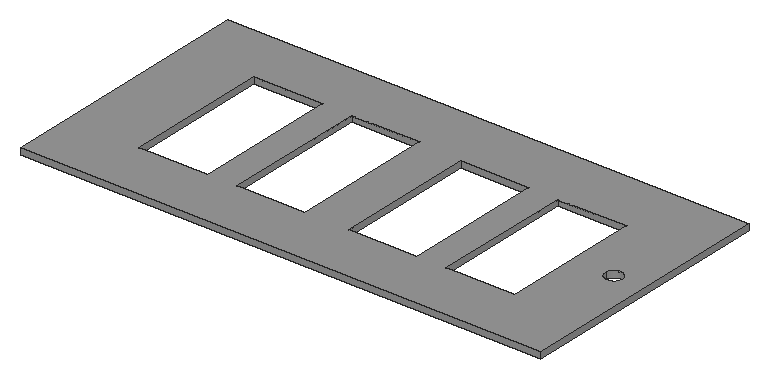
Revit family "CP-Trägerplatte für 4 Snap-In Steckverbinder_3polig", category Generic Models, Revit 2015
Parameters (values of type "CP45-TP 4SI")
  URL = "http://www.obo-bettermann.com"
  Material = Steel, Galvanized
  Manufacturer Art.No. = "6108026"
  Manufacturer = "OBO Bettermann"
  GTIN = "4012196584765"
  Article Type = "CP45-TP 4SI"
Reference planes
  plane 1 "Center (Front/Back)": y = 0
  plane 2: z = 0
  plane 3 "Center (Left/Right)": x = 0
  plane 4: x = -60
  plane 5: x = 60
  plane 6: y = 30
  plane 7: y = -30
  plane 8: x = 53
  plane 9: z = 1.4
Forms (mm)
  Extrusion 1, solid, material "Steel, Galvanized" <- "Material"
    sketch origin (0, 0, 0) x (1, 0, 0) y (0, 1, 0)
      loop
        line (-60, 30) -> (-60, -30) -> (60, -30) -> (60, 30) -> (-60, 30)
      loop
        circle (53, 0) r 1.998
      loop
        line (43.3, 15.692) -> (27.5, 15.692) -> (27.5, -16.6) -> (43.3, -16.6) -> (43.3, 15.692)
      loop
        line (5, -16.6) -> (20.8, -16.6) -> (20.8, 15.692) -> (5, 15.692) -> (5, -16.6)
      loop
        line (-20.8, 16.6) -> (-20.8, -16.6) -> (-5, -16.6) -> (-5, 16.6) -> (-20.8, 16.6)
      loop
        line (-27.5, 16.6) -> (-43.3, 16.6) -> (-43.3, -16.6) -> (-27.5, -16.6) -> (-27.5, 16.6)
    from 0 to 1.4
Lines and regions (mm)
  reference lines
    curve 1: line (-43.3, 16.6, 0) -> (-27.5, 16.6, 0)
    curve 2: line (-43.3, -16.6, 0) -> (-43.3, 16.6, 0)
    curve 3: line (-27.5, -16.6, 0) -> (-43.3, -16.6, 0)
    curve 4: line (-27.5, 16.6, 0) -> (-27.5, -16.6, 0)
    curve 5: line (-20.8, 16.6, 0) -> (-5, 16.6, 0)
    curve 6: line (-20.8, -16.6, 0) -> (-20.8, 16.6, 0)
    curve 7: line (-5, -16.6, 0) -> (-20.8, -16.6, 0)
    curve 8: line (-5, 16.6, 0) -> (-5, -16.6, 0)
    curve 9: line (43.3, 15.692, 0) -> (27.5, 15.692, 0)
    curve 10: line (43.3, -16.6, 0) -> (43.3, 15.692, 0)
    curve 11: line (27.5, -16.6, 0) -> (43.3, -16.6, 0)
    curve 12: line (27.5, 15.692, 0) -> (27.5, -16.6, 0)
    curve 13: line (20.8, 15.692, 0) -> (5, 15.692, 0)
    curve 14: line (20.8, -16.6, 0) -> (20.8, 15.692, 0)
    curve 15: line (5, -16.6, 0) -> (20.8, -16.6, 0)
    curve 16: line (5, 15.692, 0) -> (5, -16.6, 0)
    curve 17: circle (53, 0, 0) r 1.998 normal (0, 0, 1)
Dimensions and locks
  locked: plane 4 to plane 5 at 120
  equal spacing: plane 4, plane 3 "Center (Left/Right)", plane 5
  equal spacing: plane 6, plane 1 "Center (Front/Back)", plane 7
  locked: plane 6 to plane 7 at 60
  locked: plane 4 to curve 2 at 16.7
  locked: curve 2 to curve 4 at 15.8
  locked: curve 4 to curve 6 at 6.7
  locked: curve 6 to curve 8 at 15.8
  locked: curve 10 to curve 12 at 15.8
  locked: curve 14 to curve 16 at 15.8
  locked: plane 8 to plane 5 at 7
  locked: level to plane 9 at 1.4
  locked: curve 1 to plane 6 at 13.4
  locked: curve 3 to curve 1 at 33.2
  curve 3 to plane 7 = 13.4 mm
  aligned and locked: level to plane 2
  aligned and locked: curve 1 to curve 5
  aligned and locked: curve 7 to curve 3
  aligned and locked: curve 9 to curve 13
  aligned and locked: curve 15 to curve 11
  aligned and locked: Extrusion 1 sketch curve to plane 6
  aligned and locked: plane 4 to Extrusion 1 sketch curve
  aligned and locked: plane 7 to Extrusion 1 sketch curve
  aligned and locked: Extrusion 1 sketch curve to plane 5
  aligned and locked: Extrusion 1 sketch curve to curve 17
  aligned and locked: Extrusion 1 sketch curve to curve 9
  aligned and locked: Extrusion 1 sketch curve to curve 10
  aligned and locked: Extrusion 1 sketch curve to curve 12
  aligned and locked: Extrusion 1 sketch curve to curve 11
  aligned and locked: Extrusion 1 sketch curve to curve 15
  aligned and locked: Extrusion 1 sketch curve to curve 16
  aligned and locked: Extrusion 1 sketch curve to curve 13
  aligned and locked: Extrusion 1 sketch curve to curve 14
  aligned and locked: Extrusion 1 sketch curve to curve 5
  aligned and locked: Extrusion 1 sketch curve to curve 6
  aligned and locked: Extrusion 1 sketch curve to curve 7
  aligned and locked: Extrusion 1 sketch curve to curve 8
  aligned and locked: Extrusion 1 sketch curve to curve 4
  aligned and locked: Extrusion 1 sketch curve to curve 3
  aligned and locked: Extrusion 1 sketch curve to curve 2
  aligned and locked: Extrusion 1 to level
  aligned and locked: plane 9 to Extrusion 1
Automatic sketch dimensions
  plane 1 "Center (Front/Back)" to curve 17 = 0 mm
  curve 17 to plane 8 = 0 mm
  plane 3 "Center (Left/Right)" to curve 16 = 5 mm
  curve 14 to curve 12 = 6.7 mm
  curve 7 to curve 16 = 0 mm
  curve 13 to curve 5 = 0.908 mm
  Extrusion 1 sketch curve to Extrusion 1 sketch curve = 0 mm
  radius of curve 17 = 1.998 mm
